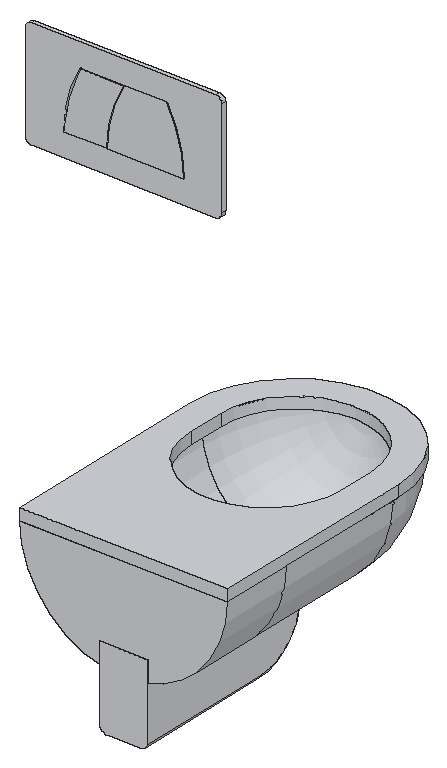
Revit family
Parameters (values of type "550 x 360mm")
  Seat Material = none
  Manufacturer = "Revit"
  Button Placement Height = 1000 mm
  Button Material = none
  Assembly Code = ""
Reference planes
  plane 1: y = 0
  plane 2 "Center (Left/Right)": x = 125
  plane 3 "Back": y = 75
Text (mm)
  text "Placement side" at (-1787.139, 592.35, 0), in view "Ref. Level"
  text "Placement side" at (0, 1827.695, 2917.686), in view "Left"
  text "Placement side" at (0, 562.268, 3853.606), in view "Right"
Dimensions and locks
  locked: plane 3 "Back" to host wall at 0
  "Button Placement Height": level to nested 1
  aligned and locked: host wall to plane 1
  aligned and locked: plane 2 "Center (Left/Right)" to nested 1
  aligned and locked: plane 3 "Back" to nested 1
  aligned and locked: plane 3 "Back" to nested 2
Nested families
  nested 1: "WC button" at (125, 75, 1000), type "340 x 190mm"
  nested 2: "WC seat_1" at (125, 75, 122.666), type "550 x 360mm"
Definition of nested family "WC button"
  Parameters (values of type "340 x 190mm")
    Material = none
    Manufacturer = "Revit"
    Assembly Code = "D2010"
  Reference planes
    plane 1 "Center (Front/Back)": y = 0
    plane 2: z = 0
    plane 3 "Center (Left/Right)": x = 0
  Forms (mm)
    Extrusion 1, solid, material <- "Material", detail levels medium+fine
      sketch origin (-125, 135, -900) x (1, 0, 0) y (0, 0, 1)
        loop
          line (285, 1090) -> (-35, 1090)
          arc (-35, 1090) -> (-42.071, 1087.071) -> (-45, 1080) r 10
          line (-45, 1080) -> (-45, 910)
          arc (-45, 910) -> (-42.071, 902.929) -> (-35, 900) r 10
          line (-35, 900) -> (285, 900)
          arc (285, 900) -> (292.071, 902.929) -> (295, 910) r 10
          line (295, 910) -> (295, 1080)
          arc (295, 1080) -> (292.071, 1087.071) -> (285, 1090) r 10
        loop
          line (200, 1050) -> (50, 1050)
          arc (50, 1050) -> (27.772, 996.971) -> (20, 940) r 220.643
          line (20, 940) -> (230, 940)
          arc (230, 940) -> (222.228, 996.971) -> (200, 1050) r 220.643
      from 127.675 to 135
    Extrusion 2, solid, material <- "Material", detail levels medium+fine
      sketch origin (-125, 135, -900) x (1, 0, 0) y (0, 0, 1)
        loop
          arc (228.993, 941) -> (221.207, 996.916) -> (199.424, 1049) r 219.643
          line (199.424, 1049) -> (127.112, 1049)
          arc (127.112, 1049) -> (105.33, 996.916) -> (97.543, 941) r 219.643
          line (97.543, 941) -> (228.993, 941)
        loop
          arc (50.576, 1049) -> (30.444, 996.464) -> (21.007, 941) r 285.457
          line (21.007, 941) -> (95.007, 941)
          arc (95.007, 941) -> (102.966, 996.998) -> (125.213, 1049) r 215.643
          line (125.213, 1049) -> (50.576, 1049)
      from 126.457 to 135
  Dimensions and locks
    locked: Extrusion 1 to Extrusion 1 at 190
    Extrusion 2 to Extrusion 2 to Extrusion 1 = 108 mm locked, 41 mm locked
    locked: Extrusion 1 to Extrusion 1 at 340
    locked: Extrusion 1 to Extrusion 1 at 7.325
    locked: Extrusion 2 to Extrusion 2 at 8.543
    aligned and locked: Extrusion 1 to Extrusion 2
    aligned and locked: Extrusion 1 to level
    aligned and locked: plane 1 "Center (Front/Back)" to Extrusion 1
Definition of nested family "WC seat_1"
  Parameters (values of type "550 x 360mm")
    Material = none
    Manufacturer = "Revit"
    Assembly Code = "D2010110"
  Reference planes
    plane 1 "Center (Front/Back)": y = 0
    plane 2: z = 0
    plane 3 "Center (Left/Right)": x = 0
    plane 4: y = -244.9
  Forms (mm)
    Extrusion 1, solid, material <- "Material"
      sketch origin (0, 0, 307.334) x (1, 0, 0) y (0, 1, 0)
        loop
          line (-179.9, 0) -> (-179.9, -370.216)
          arc (-179.9, -370.216) -> (0.005, -550.122) -> (179.91, -370.216) r 179.905
          line (179.91, -370.216) -> (179.91, 0) -> (-179.9, 0)
        loop
          line (-130, -308.309) -> (-130, -372.093)
          arc (-130, -372.093) -> (0, -502.093) -> (130, -372.093) r 130
          line (130, -372.093) -> (130, -308.309)
          arc (130, -308.309) -> (0, -178.309) -> (-130, -308.309) r 130
      from -20 to 0
    Blend 2, solid, material <- "Material"
      base sketch origin (0, -124.9, 287.334) x (0, 0, -1) y (-1, 0, 0)
        loop
          line (0, 180) -> (0, -180)
          arc (0, -180) -> (180, 0) -> (0, 180) r 180
      top sketch origin (0, -124.9, 287.334) x (0, 0, -1) y (-1, 0, 0)
        loop
          line (0, 179.9) -> (0, -180)
          arc (0, -180) -> (179.95, -0.05) -> (0, 179.9) r 179.95
      from 0 to 124.9
    Extrusion 3, solid, material <- "Material"
      sketch origin (0, 0, 307.334) x (0, 1, 0) y (0, 0, 1)
        loop
          arc (0, -158.01) -> (-167.212, -190.758) -> (-337.566, -187.334) r 799.626
          line (-337.566, -187.334) -> (-337.566, -207.334)
          arc (-337.566, -207.334) -> (-310.425, -272.859) -> (-244.9, -300) r 92.666
          line (-244.9, -300) -> (0, -300) -> (0, -158.01)
      from -41.163 to 41.173
    Sweep 4, void
      path origin (41.173, 0, 149.324) x (0, 0, 1) y (0, -1, 0)
        loop
          line (-29.324, 337.566) -> (-49.324, 337.566)
          arc (-49.324, 337.566) -> (-114.849, 310.425) -> (-141.99, 244.9) r 92.666
          line (-141.99, 244.9) -> (-141.99, 0)
      profile origin (0, -122.45, 0) x (0, 0, 1) y (1, 0, 0)
        loop
          line (26.442, 42.532) -> (26.442, 53.837) -> (-3.558, 53.837) -> (-3.558, -51.163) -> (26.442, -51.163) -> (26.442, -43.084) -> (22.334, -43.084)
          arc (22.334, -43.084) -> (11.727, -38.69) -> (7.334, -28.084) r 15
          line (7.334, -28.084) -> (7.334, 27.532)
          arc (7.334, 27.532) -> (11.727, 38.139) -> (22.334, 42.532) r 15
          line (22.334, 42.532) -> (26.442, 42.532)
    Revolve 5, solid, material <- "Material"
      sketch origin (-135.875, 0, 287.334) x (0, -1, 0) y (1, 0, 0)
        loop
          line (124.9, -18.028) -> (124.9, -44.025) -> (359.287, -44.025)
          arc (359.287, -44.025) -> (490.375, 8.047) -> (550, 135.875) r 191.038
          line (550, 135.875) -> (523.953, 135.875)
          arc (523.953, 135.875) -> (472.275, 26.71) -> (360.086, -18.028) r 165.042
          line (360.086, -18.028) -> (124.9, -18.028)
        axis (550, 135.875) -> (124.9, 135.875)
      angle from 0 to 180
  Cuts and joins
    Sweep 4 cuts Extrusion 1
    Sweep 4 cuts Blend 2
    Sweep 4 cuts Extrusion 3
  Lines and regions (mm)
    symbolic lines
      curve 1: line (-179.9, 0, 0) -> (-179.9, -359.287, 0)
      curve 2: arc (-179.9, -359.287, 0) -> (-4.657, -549.944, 0) -> (179.91, -368.299, 0) r 180.067
      curve 3: line (179.91, -368.299, 0) -> (179.91, 0, 0)
      curve 4: line (179.91, 0, 0) -> (-179.9, 0, 0)
      curve 9: line (130.63, -372.093, 0) -> (-130.877, -308.309, 0)
      curve 10: line (-130.877, -308.309, 0) -> (130.63, -372.093, 0)
    symbolic lines, detail levels medium+fine
      curve 5: arc (-87.431, -129.902, 0) -> (-81.102, -136.231, 0) -> (-74.773, -129.902, 0) r 6.329
      curve 6: arc (-74.773, -129.902, 0) -> (-81.102, -123.573, 0) -> (-87.431, -129.902, 0) r 6.329
      curve 7: arc (75.37, -129.902, 0) -> (81.699, -136.231, 0) -> (88.028, -129.902, 0) r 6.329
      curve 8: arc (88.028, -129.902, 0) -> (81.699, -123.573, 0) -> (75.37, -129.902, 0) r 6.329
      curve 11: line (47.129, -320.624, 0) -> (-47.196, -320.624, 0)
      curve 12: line (-47.196, -320.624, 0) -> (47.129, -320.624, 0)
